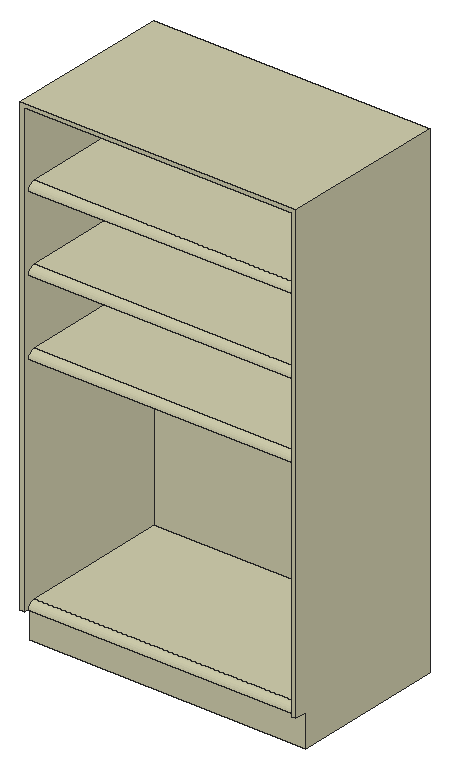
Revit family "Wenger Cabinet 36", category Furniture, Revit 2011
Parameters (values of type "Standard Cabinet #36")
  URL = "http://www.wengercorp.com/Home/Contact.html"
  Toekick Material [instance] = none
  RH End Panel [instance] = no
  Model = "36"
  Manufacturer = "Wenger Corporation"
  LH End Panel [instance] = no
  End Panel Material [instance] = none
  Edge Banding Material [instance] = none
  Door Material [instance] = none
  Description = "Standard Cabinet #36"
  Cabinet Width = 4' - 0 1/2"
  Cabinet Height = 7' - 1 5/8"
  Cabinet Depth = 2' - 5 1/4"
  Cabinet Back Thickness = 0' - 0 3/4"
  Assembly Code = ""
Reference planes (in)
  plane 1 "Front": y = 0
  plane 2: z = 0
  plane 3 "Left": x = 0
  plane 4 "Right": x = 48.5
  plane 5 "Back": y = 29.25
  plane 6 "Top": z = 85.625
  plane 7: z = 5.625
  plane 8: z = 45.125
  plane 9: z = 58.375
  plane 10: z = 71.625
  plane 11: x = 0.75
  plane 12: x = 47.75
  plane 13: z = 84.875
  plane 14: y = 28.5
  plane 15: y = 2
  plane 16: y = 0.75
  plane 17: z = 46.25
  plane 18: z = 59.5
  plane 19: z = 72.75
  plane 20: z = 6.75
  plane 21: z = 43.32611
  plane 22: z = 42.07611
  plane 23: y = 15.30656
  plane 24: y = 14.25
Forms (in)
  Extrusion 1, solid, material "Wenger - Oyster"
    sketch origin (0, 0, 0) x (0, 1, 0) y (0, 0, 1)
      loop
        line (0, 85.625) -> (0, 5.625) -> (2, 5.625) -> (2, 0) -> (29.25, 0) -> (29.25, 85.625) -> (0, 85.625)
    from 0 to 48.5
  Extrusion 2, void
    sketch origin (0, 0, 0) x (0, 1, 0) y (0, 0, 1)
      loop
        line (-5.5, 84.875) -> (-5.5, 45.125) -> (0.75, 45.125)
        arc (0.75, 45.125) -> (1.18296, 45.90088) -> (2, 46.25) r 1.375
        line (2, 46.25) -> (28.5, 46.25) -> (28.5, 58.375) -> (0.75, 58.375)
        arc (0.75, 58.375) -> (1.18296, 59.15088) -> (2, 59.5) r 1.375
        line (2, 59.5) -> (28.5, 59.5) -> (28.5, 71.625) -> (0.75, 71.625)
        arc (0.75, 71.625) -> (1.18296, 72.40088) -> (2, 72.75) r 1.375
        line (2, 72.75) -> (28.5, 72.75) -> (28.5, 84.875) -> (-5.5, 84.875)
    from 0.75 to 47.75
  Extrusion 3, void
    sketch origin (0, 0, 0) x (0, 1, 0) y (0, 0, 1)
      loop
        line (0, 84.875) -> (0, 5.625) -> (0.0625, 5.625) -> (0.0625, 84.875) -> (0, 84.875)
    from 0.75 to 47.75
  Extrusion 4, void
    sketch origin (0, 0, 0) x (0, 1, 0) y (0, 0, 1)
      loop
        arc (0.75, 5.625) -> (1.22263, 6.43197) -> (2.10208, 6.75) r 1.375
        line (2.10208, 6.75) -> (28.5, 6.75) -> (28.5, 45.125) -> (-13.14123, 45.125) -> (-13.14123, 5.625) -> (0.75, 5.625)
    from 0.75 to 47.75
  Extrusion 5, solid
    sketch origin (0, -6.69064, -19.02389) x (0, 1, 0) y (0, 0, 1)
      loop
        line (21.92299, 61.1) -> (21.9972, 61.1) -> (21.9972, 62.35) -> (21.37849, 62.35) -> (21.15949, 61.97068) -> (21.22376, 61.93357) -> (21.42134, 62.27578) -> (21.92299, 62.27578) -> (21.92299, 61.1)
    from 0.75 to 47.75
Cuts and joins
  Extrusion 2, Extrusion 3, Extrusion 4 cuts Extrusion 1
Lines and regions (in)
  symbolic lines
    curve 1: line (0, 29.25, 0) -> (48.5, 29.25, 0)
    curve 2: line (0, 0, 0) -> (0, 29.25, 0)
    curve 3: line (48.5, 0, 0) -> (0, 0, 0)
    curve 4: line (48.5, 29.25, 0) -> (48.5, 0, 0)
Dimensions and locks (in)
  locked: plane 3 "Left" to plane 11 at 0.75
  locked: plane 12 to plane 4 "Right" at 0.75
  "Cabinet Back Thickness": plane 5 "Back" to plane 14
  locked: plane 1 "Front" to plane 16 at 0.75
  locked: plane 1 "Front" to plane 15 at 2
  locked: plane 17 to plane 8 at 1.125
  locked: plane 18 to plane 9 at 1.125
  locked: plane 19 to plane 10 at 1.125
  locked: plane 6 "Top" to plane 13 at 0.75
  locked: plane 20 to plane 7 at 1.125
  plane 12 to plane 3 "Left" = 3' - 11 3/4"
  "Cabinet Width": plane 3 "Left" to plane 4 "Right"
  locked: plane 7 to level at 5.625
  "Cabinet Height": plane 6 "Top" to level
  "Cabinet Depth": plane 1 "Front" to plane 5 "Back"
  plane 11 to plane 12 = 3' - 11"
  plane 13 to plane 7 = 6' - 7 1/4"
  locked: plane 17 to plane 20 at 39.5
  equal spacing: plane 13, plane 10, plane 9, plane 8
  plane 21 to plane 20 = 3' - 0.57611"
  plane 14 to plane 1 "Front" = 2' - 4 1/2"
  equal spacing: plane 14, plane 24, plane 1 "Front"
  aligned and locked: Extrusion 1 sketch curve to plane 6 "Top"
  aligned and locked: Extrusion 1 sketch curve to plane 5 "Back"
  aligned and locked: Extrusion 1 sketch curve to plane 1 "Front"
  aligned and locked: Extrusion 1 sketch curve to plane 7
  aligned and locked: Extrusion 1 sketch curve to plane 15
  aligned and locked: Extrusion 1 sketch curve to level
  aligned and locked: Extrusion 1 to plane 4 "Right"
  aligned and locked: Extrusion 1 to plane 3 "Left"
  aligned and locked: Extrusion 2 sketch curve to plane 13
  aligned and locked: Extrusion 2 sketch curve to plane 14
  aligned and locked: Extrusion 2 sketch curve to plane 10
  aligned and locked: Extrusion 2 sketch curve to plane 18
  aligned and locked: Extrusion 2 sketch curve to plane 9
  aligned and locked: Extrusion 2 sketch curve to plane 17
  aligned and locked: Extrusion 2 sketch curve to plane 8
  aligned and locked: Extrusion 2 sketch curve to plane 19
  aligned and locked: Extrusion 2 to plane 11
  aligned and locked: Extrusion 3 sketch curve to cut or joined group of Extrusion 1, Extrusion 2, Extrusion 3, Extrusion 4  (x3)
  aligned and locked: Extrusion 3 to plane 12
  aligned and locked: Extrusion 3 to plane 11
  aligned and locked: plane 3 "Left" to curve 2
  aligned and locked: curve 1 to plane 5 "Back"
  aligned and locked: plane 4 "Right" to curve 4
  aligned and locked: curve 3 to plane 1 "Front"
  aligned and locked: plane 7 to Extrusion 4 sketch curve
  aligned and locked: plane 20 to Extrusion 4 sketch curve
  aligned and locked: Extrusion 4 sketch curve to plane 14
  aligned and locked: Extrusion 4 sketch curve to plane 8
  aligned and locked: Extrusion 4 to plane 12
  aligned and locked: Extrusion 4 to plane 11
  aligned and locked: Extrusion 2 to plane 12
  aligned and locked: Extrusion 5 to plane 11
  aligned and locked: Extrusion 5 to plane 12
Automatic sketch dimensions
  Extrusion 2 sketch curve to plane 16 = 0' - 0"  (x3)
  Extrusion 2 sketch curve to plane 15 = 0' - 0"  (x3)
  Extrusion 2 sketch curve to plane 14 = 0' - 0"  (x2)
  plane 1 "Front" to Extrusion 2 sketch curve = 0' - 5 1/2"
  Extrusion 2 sketch curve to plane 15 = 0' - 0.10279"  (x3)
  plane 16 to Extrusion 3 sketch curve = 0' - 0 11/16"
  Extrusion 4 sketch curve to plane 1 "Front" = 0' - 2.10208"
  Extrusion 4 sketch curve to Extrusion 4 sketch curve = 0' - 1.35208"
  plane 1 "Front" to Extrusion 4 sketch curve = 1' - 1.14123"
  plane 21 to Extrusion 5 sketch curve = 0' - 0"
  Extrusion 5 sketch curve to plane 22 = 0' - 0"
  plane 21 to Extrusion 5 sketch curve = 0' - 0.37932"
  Extrusion 5 sketch curve to plane 15 = 1' - 0.46885"
  plane 21 to Extrusion 5 sketch curve = 0' - 0.41643"
  Extrusion 5 sketch curve to Extrusion 5 sketch curve = 0' - 0.06428"
  plane 21 to Extrusion 5 sketch curve = 0' - 0 19/256"
  Extrusion 5 sketch curve to Extrusion 5 sketch curve = 0' - 0.50165"
  Extrusion 5 sketch curve to Extrusion 5 sketch curve = 0' - 0 19/256"
Nested families (in)
  nested 1: "Labels" at (24.25, 14.46885, 0), type "Standard"
  nested 2: "Front Note" at (24.25, 0.75, 0), type "Front Note", detail levels medium+fine
Definition of nested family "Labels"
  Parameters (values of type "Standard")
    Cabinet Label = "01"
  Types (4): name | Cabinet Label
    Standard | "01"
    Narrow | "01N"
    Narrow Acoustic | "01NA"
    Acoustic | "01A"
  Reference planes (in)
    plane 1: y = 0
    plane 2: x = 0
  Text (in)
    label "xxxx" at (-0.00018, 0.00754, 0), shows "Cabinet Label"
Definition of nested family "Front Note"
  Parameters (values of type "Front Note")
    Cabinet Label = "Front"
  Reference planes (in)
    plane 1: y = 0
    plane 2: x = 0
  Text (in)
    label "Front" at (-0.00018, 0.00754, 0), shows "Cabinet Label"
